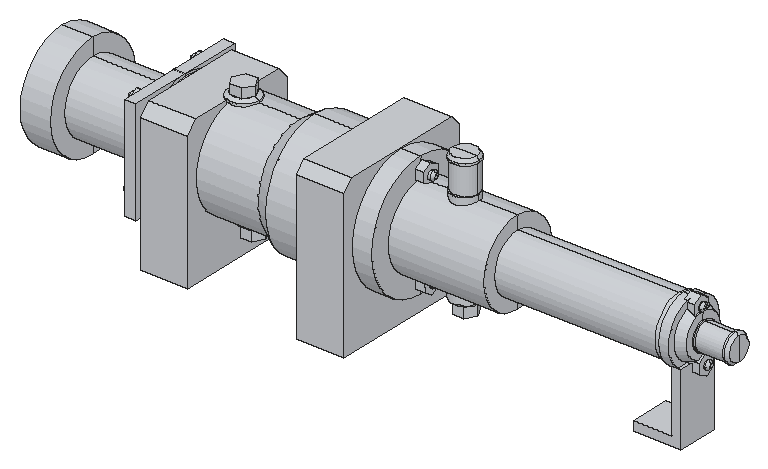
Revit family "Винтовой насос Н1В 1,6_6,3-1,2_6,3", category Оборудование, Revit 2020
Family settings
  Размер круглого соединителя = Использовать диаметр
  Классификация = Нет
  Тип детали = Нормальный
  На основе рабочей плоскости = Нет
  Всегда вертикально = Да
  При загрузке вырезать с полостями = Нет
  Общий = Нет
  Точка расчета площади = Нет
Parameters
  Отметка по умолчанию = 0 mm
  ADSK_Примечание [instance] = ""
  ADSK_Позиция [instance] = ""
  ADSK_Наименование краткое [instance] = ""
  ADSK_Наименование [instance] = "Винтовой насос Н1В 1,6_6,3-1,2_6,3"
  ADSK_Материал наименование [instance] = ""
  ADSK_Масса_Текст [instance] = ""
  ADSK_Марка [instance] = ""
  ADSK_Код изделия [instance] = ""
  ADSK_Завод-изготовитель [instance] = ""
Reference planes
  plane 1 "По центру (Вперед/Назад)": y = 0
  plane 2: z = 0
  plane 3 "По центру (Влево/Вправо)": x = 0
Forms (mm)
  Revolve 1, solid
    sketch origin (0, 0, 0) x (1, 0, 0) y (0, 0, 1)
      loop
        line (287.668, 99.805) -> (287.668, 112.044) -> (284.242, 114.443) -> (281.987, 114.443) -> (281.987, 113.482) -> (251.987, 113.482) -> (251.987, 114.46) -> (250.111, 114.46) -> (250.111, 121.879) -> (240.164, 126.134) -> (240.164, 133.031) -> (230.164, 133.031) -> (230.164, 131.456) -> (225.164, 131.456) -> (225.164, 130.461) -> (55.164, 130.461) -> (55.164, 143.911) -> (-45.818, 143.911) -> (-45.818, 164.774) -> (-157.252, 164.774) -> (-173.51, 154.615) -> (-290.829, 154.615) -> (-290.829, 142.202) -> (-293.507, 142.202) -> (-293.507, 154.615) -> (-305.462, 154.615) -> (-305.462, 137.503) -> (-390.462, 137.503) -> (-390.462, 154.805) -> (-422.674, 154.805) -> (-422.674, 99.805) -> (287.668, 99.805)
      axis (287.668, 99.805) -> (-422.674, 99.805)
    angle from 0 to 360
  Extrusion 2, solid
    sketch origin (0, 0, 0) x (0, 1, 0) y (0, 0, 1)
      loop
        line (75.2, 0) -> (75.2, 153.94) -> (65.984, 164.924) -> (-65.361, 164.924) -> (-74.825, 154.036) -> (-74.825, 0) -> (75.2, 0)
    from -116.628 to -66.954
  Extrusion 3, solid
    sketch origin (1.954, 0, 0) x (0, 1, 0) y (0, 0, 1)
      loop
        line (54.242, 155.029) -> (-54.242, 155.029) -> (-64.825, 142.853) -> (-64.825, 0) -> (64.825, 0) -> (64.825, 142.853) -> (54.242, 155.029)
    from -290.563 to -240.759
  Revolve 4, solid
    sketch origin (0, 0, 0) x (1, 0, 0) y (0, 0, 1)
      loop
        line (0, 184.817) -> (-12.627, 184.817) -> (-14.749, 181.142) -> (-14.749, 179.195) -> (-13.437, 179.195) -> (-13.437, 149.797) -> (-14.235, 149) -> (-14.235, 139.45) -> (0, 139.45) -> (0, 184.817)
      axis (0, 184.817) -> (0, 139.45)
    angle from 0 to 360
  Revolve 5, solid
    sketch origin (0, 0, 0) x (1, 0, 0) y (0, 0, 1)
      loop
        line (-232.187, 154.422) -> (-232.187, 159.48) -> (-244.312, 159.48) -> (-248.408, 156.612) -> (-248.408, 154.422) -> (-232.187, 154.422)
      axis (-232.187, 159.48) -> (-232.187, 154.422)
    angle from 0 to 360
  Extrusion 6, solid
    sketch origin (0, 0, 0) x (1, 0, 0) y (0, 1, 0)
      loop
        line (-226.308, 10.605) -> (-238.431, 10.393) -> (-244.309, -0.212) -> (-238.064, -10.605) -> (-225.941, -10.393) -> (-220.063, 0.212) -> (-226.308, 10.605)
    from 159.48 to 169.293
  Revolve 7, solid
    sketch origin (11.236, 0, 199.482) x (1, 0, 0) y (0, 0, -1)
      loop
        line (-232.187, 154.422) -> (-232.187, 159.48) -> (-244.312, 159.48) -> (-248.408, 156.612) -> (-248.408, 154.422) -> (-232.187, 154.422)
      axis (-232.187, 159.48) -> (-232.187, 154.422)
    angle from 0 to 360
  Extrusion 8, solid
    sketch origin (11.052, 0, 0) x (1, 0, 0) y (0, 1, 0)
      loop
        line (-226.308, 10.605) -> (-238.431, 10.393) -> (-244.309, -0.212) -> (-238.064, -10.605) -> (-225.941, -10.393) -> (-220.063, 0.212) -> (-226.308, 10.605)
    from 28.626 to 40.002
  Revolve 9, solid
    sketch origin (90.67, 0, 189.9) x (1, 0, 0) y (0, 0, -1)
      loop
        line (-232.187, 154.422) -> (-232.187, 159.48) -> (-244.312, 159.48) -> (-248.408, 156.612) -> (-248.408, 154.422) -> (-232.187, 154.422)
      axis (-232.187, 159.48) -> (-232.187, 154.422)
    angle from 0 to 360
  Extrusion 10, solid
    sketch origin (90.485, 0, -9.582) x (1, 0, 0) y (0, 1, 0)
      loop
        line (-226.308, 10.605) -> (-238.431, 10.393) -> (-244.309, -0.212) -> (-238.064, -10.605) -> (-225.941, -10.393) -> (-220.063, 0.212) -> (-226.308, 10.605)
    from 28.626 to 40.002
  Revolve 11, solid
    sketch origin (233.563, 0, 205.573) x (1, 0, 0) y (0, 0, -1)
      loop
        line (-232.187, 142.776) -> (-232.187, 159.48) -> (-244.312, 159.48) -> (-248.408, 156.612) -> (-248.408, 142.776) -> (-232.187, 142.776)
      axis (-232.187, 159.48) -> (-232.187, 142.776)
    angle from 0 to 360
  Extrusion 12, solid
    sketch origin (233.379, 0, 6.091) x (1, 0, 0) y (0, 1, 0)
      loop
        line (-226.308, 10.605) -> (-238.431, 10.393) -> (-244.309, -0.212) -> (-238.064, -10.605) -> (-225.941, -10.393) -> (-220.063, 0.212) -> (-226.308, 10.605)
    from 28.626 to 40.002
  Extrusion 13, solid
    sketch origin (-324.551, 39.023, -208.4) x (0, 0, -1) y (0, 1, 0)
      loop
        line (-225.81, 11.843) -> (-235.994, 11.665) -> (-240.932, 2.757) -> (-235.686, -5.973) -> (-225.503, -5.795) -> (-220.565, 3.113) -> (-225.81, 11.843)
    from 28.626 to 40.002
  Extrusion 14, solid
    sketch origin (-341.307, 43.236, -172.797) x (0, 0, -1) y (0, 1, 0)
      loop
        line (-225.81, 11.843) -> (-235.994, 11.665) -> (-240.932, 2.757) -> (-235.686, -5.973) -> (-225.503, -5.795) -> (-220.565, 3.113) -> (-225.81, 11.843)
    from 28.626 to 40.002
  Extrusion 15, solid
    sketch origin (-7.428, -2.831, -79.588) x (0, 0, -1) y (0, -1, 0)
      loop
        line (-225.81, -11.843) -> (-220.565, -3.113) -> (-225.503, 5.795) -> (-235.686, 5.973) -> (-240.932, -2.757) -> (-235.994, -11.665) -> (-225.81, -11.843)
    from 28.626 to 40.002
  Revolve 16, solid
    sketch origin (-349.408, 0, 208.286) x (-1, 0, 0) y (0, 0, -1)
      loop
        line (-319.41, 57.641) -> (-319.41, 55.607) -> (-317.013, 53.21) -> (-302.85, 53.21) -> (-302.85, 57.641) -> (-319.41, 57.641)
      axis (-319.41, 57.641) -> (-302.85, 57.641)
    angle from 0 to 360
  Revolve 17, solid
    sketch origin (-349.23, 0, 106.976) x (-1, 0, 0) y (0, 0, -1)
      loop
        line (-319.41, 57.641) -> (-319.41, 55.607) -> (-317.013, 53.21) -> (-302.85, 53.21) -> (-302.85, 57.641) -> (-319.41, 57.641)
      axis (-319.41, 57.641) -> (-302.85, 57.641)
    angle from 0 to 360
  Extrusion 18, solid
    sketch origin (-5.816, -3.067, -182.491) x (0, 0, -1) y (0, -1, 0)
      loop
        line (-225.81, -11.843) -> (-220.565, -3.113) -> (-225.503, 5.795) -> (-235.686, 5.973) -> (-240.932, -2.757) -> (-235.994, -11.665) -> (-225.81, -11.843)
    from 28.626 to 40.002
  Revolve 19, solid
    sketch origin (-61.243, 0, 131.324) x (-1, 0, 0) y (0, 0, -1)
      loop
        line (-319.41, 57.641) -> (-319.41, 55.607) -> (-317.013, 53.21) -> (-302.85, 53.21) -> (-302.85, 57.641) -> (-319.41, 57.641)
      axis (-319.41, 57.641) -> (-302.85, 57.641)
    angle from 0 to 360
  Extrusion 20, solid
    sketch origin (282.171, -3.065, -157.664) x (0, 0, -1) y (0, -1, 0)
      loop
        line (-225.81, -11.843) -> (-220.565, -3.113) -> (-225.503, 5.795) -> (-235.686, 5.973) -> (-240.932, -2.757) -> (-235.994, -11.665) -> (-225.81, -11.843)
    from 28.626 to 40.002
  Revolve 21, solid
    sketch origin (-66.621, 0, 184.319) x (-1, 0, 0) y (0, 0, -1)
      loop
        line (-319.41, 57.641) -> (-319.41, 55.607) -> (-317.013, 53.21) -> (-302.85, 53.21) -> (-302.85, 57.641) -> (-319.41, 57.641)
      axis (-319.41, 57.641) -> (-302.85, 57.641)
    angle from 0 to 360
  Extrusion 22, solid
    sketch origin (276.792, -2.763, -104.44) x (0, 0, -1) y (0, -1, 0)
      loop
        line (-225.81, -11.843) -> (-220.565, -3.113) -> (-225.503, 5.795) -> (-235.686, 5.973) -> (-240.932, -2.757) -> (-235.994, -11.665) -> (-225.81, -11.843)
    from 28.626 to 40.002
  Extrusion 23, solid
    sketch origin (0, 0, 0) x (1, 0, 0) y (0, 0, 1)
      loop
        line (195.059, 0) -> (245.059, 0) -> (245.059, 75) -> (235.059, 75) -> (235.059, 10) -> (195.059, 10) -> (195.059, 0)
    from -20.217 to 22.47
  Extrusion 24, solid
    sketch origin (-341.307, -43.1, 372.279) x (0, 0, 1) y (0, -1, 0)
      loop
        line (-225.81, -11.843) -> (-220.565, -3.113) -> (-225.503, 5.795) -> (-235.686, 5.973) -> (-240.932, -2.757) -> (-235.994, -11.665) -> (-225.81, -11.843)
    from 28.626 to 40.002
  Revolve 25, solid
    sketch origin (-0.154, -40, 84.91) x (1, 0, 0) y (0, 0, 1)
      loop
        line (-319.41, 57.641) -> (-319.41, 55.607) -> (-317.013, 53.21) -> (-302.85, 53.21) -> (-302.85, 57.641) -> (-319.41, 57.641)
      axis (-319.41, 57.641) -> (-302.85, 57.641)
    angle from 0 to 360
  Extrusion 26, solid
    sketch origin (-341.307, 38.154, 372.279) x (0, 0, 1) y (0, -1, 0)
      loop
        line (-225.81, -11.843) -> (-220.565, -3.113) -> (-225.503, 5.795) -> (-235.686, 5.973) -> (-240.932, -2.757) -> (-235.994, -11.665) -> (-225.81, -11.843)
    from 28.626 to 40.002
  Revolve 27, solid
    sketch origin (-0.154, 41.254, 84.91) x (1, 0, 0) y (0, 0, 1)
      loop
        line (-319.41, 57.641) -> (-319.41, 55.607) -> (-317.013, 53.21) -> (-302.85, 53.21) -> (-302.85, 57.641) -> (-319.41, 57.641)
      axis (-319.41, 57.641) -> (-302.85, 57.641)
    angle from 0 to 360
  Extrusion 28, solid
    sketch origin (-324.551, -39.023, -208.4) x (0, 0, -1) y (0, 1, 0)
      loop
        line (-225.81, -11.843) -> (-220.565, -3.113) -> (-225.503, 5.795) -> (-235.686, 5.973) -> (-240.932, -2.757) -> (-235.994, -11.665) -> (-225.81, -11.843)
    from 28.626 to 40.002
  Extrusion 29, solid
    sketch origin (0, 0, 0) x (1, 0, 0) y (0, 0, 1)
      loop
        line (-293.507, 154.615) -> (-305.462, 154.615) -> (-305.462, 44.994) -> (-293.507, 44.994) -> (-293.507, 154.615)
    from -64.825 to 64.825
  Revolve 30, solid
    sketch origin (0, 46.19, 0.703) x (1, 0, 0) y (0, 0, 1)
      loop
        line (-319.41, 57.641) -> (-319.41, 55.607) -> (-317.013, 53.21) -> (-302.85, 53.21) -> (-302.85, 57.641) -> (-319.41, 57.641)
      axis (-319.41, 57.641) -> (-302.85, 57.641)
    angle from 0 to 360
  Extrusion 31, solid
    sketch origin (-341.307, -43.236, -172.797) x (0, 0, -1) y (0, 1, 0)
      loop
        line (-225.81, -11.843) -> (-220.565, -3.113) -> (-225.503, 5.795) -> (-235.686, 5.973) -> (-240.932, -2.757) -> (-235.994, -11.665) -> (-225.81, -11.843)
    from 28.626 to 40.002
  Revolve 32, solid
    sketch origin (0, -46.19, 0.703) x (1, 0, 0) y (0, 0, -1)
      loop
        line (-319.41, -57.641) -> (-302.85, -57.641) -> (-302.85, -53.21) -> (-317.013, -53.21) -> (-319.41, -55.607) -> (-319.41, -57.641)
      axis (-319.41, -57.641) -> (-302.85, -57.641)
    angle from 0 to 360
Lines and regions (mm)
  symbolic lines
    curve 1: line (287.686, 0, 99.987) -> (287.686, 0, 111.554)
    curve 2: line (287.686, 0, 111.554) -> (284.201, 0, 113.994)
    curve 3: line (284.201, 0, 113.994) -> (282.377, 0, 113.994)
    curve 4: line (-440.084, 0, 99.741) -> (724.916, 0, 99.741)
Dimensions and locks
  aligned and locked: level to plane 2
Connectors
  piping at (0, 0, 184.817), diameter 25
    settings: on Revolve 4, index 1, connector inside diameter 609.6 mm, connector length 0 mm, flow factor 0, pipe flow 0.0 L/s, pressure drop 0.0 Pa, fitting loss kfactor 0, connector angle 0.00°, fixture units 0, engagement length 0 mm, angle of deflection 0.00°, flow configuration 0, flow direction 0, fitting loss method 0, system type 29, joint type 0, gender type 0, connector reference index -1, connector utility 0, adjustable connector no, is connector primary yes, connector description ""
  piping at (287.668, 0, 99.805), diameter 25
    settings: on Revolve 1, index 2, connector inside diameter 609.6 mm, connector length 0 mm, flow factor 0, pipe flow 0.0 L/s, pressure drop 0.0 Pa, fitting loss kfactor 0, connector angle 0.00°, fixture units 0, engagement length 0 mm, angle of deflection 0.00°, flow configuration 0, flow direction 0, fitting loss method 0, system type 29, joint type 0, gender type 0, connector reference index -1, connector utility 0, adjustable connector no, is connector primary no, connector description ""
